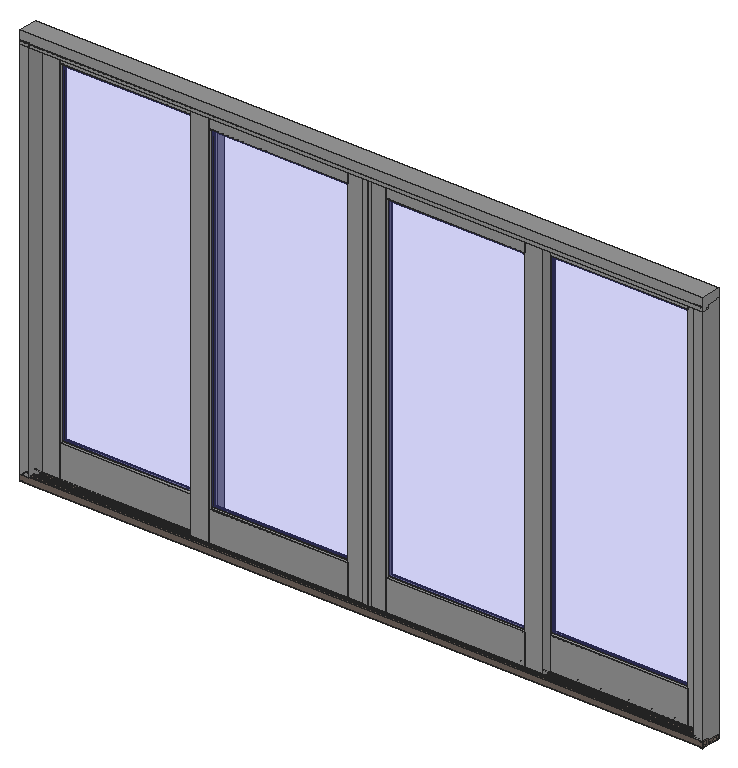
Revit family "VSDA3.6CO", category Doors, host Wall, Revit 2015
Parameters (values of type "VSDA3.6CO")
  Function = Interior
  Frame Projection Ext. = 25 mm
  Frame Projection Int. = 25 mm
  Frame Width = 75 mm
  Height = 2100 mm
  Wall Closure = By host
  Width = 3550 mm
Reference planes
  plane 1: y = 0
  plane 2 "Center (Left/Right)": x = 0
  plane 3 "Left": x = -1775
  plane 4 "Right": x = 1775
  plane 5: z = 2100
  plane 6 "Exterior": y = 75
  plane 7 "Interior": y = -75
Forms (mm)
  Extrusion 1, solid, material "Aluminium Cill (Bronze)"
    sketch origin (0, 79.18, -119.746) x (0, 1, 0) y (0, 0, 1)
      loop
        line (-26.68, 120.746) -> (-26.68, 135.746)
        arc (-26.68, 135.746) -> (-27.558, 137.867) -> (-29.68, 138.746) r 3
        line (-29.68, 138.746) -> (-40.947, 138.746)
        arc (-40.947, 138.746) -> (-42.68, 137.746) -> (-44.412, 138.746) r 2
        line (-44.412, 138.746) -> (-48.947, 138.746)
        arc (-48.947, 138.746) -> (-50.68, 137.746) -> (-52.412, 138.746) r 2
        line (-52.412, 138.746) -> (-56.947, 138.746)
        arc (-56.947, 138.746) -> (-58.68, 137.746) -> (-60.412, 138.746) r 2
        line (-60.412, 138.746) -> (-67.18, 138.746) -> (-67.18, 135.246)
        arc (-67.18, 135.246) -> (-67.619, 134.185) -> (-68.68, 133.746) r 1.5
        line (-68.68, 133.746) -> (-73.43, 133.746) -> (-73.43, 135.746) -> (-71.996, 135.746)
        arc (-71.996, 135.746) -> (-74.68, 138.746) -> (-77.363, 135.746) r 2.7
        line (-77.363, 135.746) -> (-75.93, 135.746) -> (-75.93, 133.746) -> (-80.68, 133.746)
        arc (-80.68, 133.746) -> (-81.74, 134.185) -> (-82.18, 135.246) r 1.5
        line (-82.18, 135.246) -> (-82.18, 138.746) -> (-90.432, 138.746) -> (-98.68, 138.746) -> (-98.68, 143.746)
        arc (-98.68, 143.746) -> (-99.18, 144.246) -> (-99.68, 143.746) r 0.5
        line (-99.68, 143.746) -> (-99.68, 142.734) -> (-100.88, 142.734) -> (-100.88, 150.246) -> (-99.68, 150.246) -> (-99.68, 149.246)
        arc (-99.68, 149.246) -> (-99.18, 148.746) -> (-98.68, 149.246) r 0.5
        line (-98.68, 149.246) -> (-98.68, 150.746)
        arc (-98.68, 150.746) -> (-98.972, 151.453) -> (-99.68, 151.746) r 1
        line (-99.68, 151.746) -> (-109.447, 151.746)
        arc (-109.447, 151.746) -> (-111.18, 150.746) -> (-112.912, 151.746) r 2
        line (-112.912, 151.746) -> (-117.447, 151.746)
        arc (-117.447, 151.746) -> (-119.18, 150.746) -> (-120.912, 151.746) r 2
        line (-120.912, 151.746) -> (-130.68, 151.746)
        arc (-130.68, 151.746) -> (-131.387, 151.453) -> (-131.68, 150.746) r 1
        line (-131.68, 150.746) -> (-131.68, 120.746)
        arc (-131.68, 120.746) -> (-131.387, 120.039) -> (-130.68, 119.746) r 1
        line (-130.68, 119.746) -> (-27.68, 119.746)
        arc (-27.68, 119.746) -> (-26.972, 120.039) -> (-26.68, 120.746) r 1
      loop
        line (-29.68, 137.246) -> (-40.23, 137.246)
        arc (-40.23, 137.246) -> (-42.68, 136.246) -> (-45.129, 137.246) r 3.5
        line (-45.129, 137.246) -> (-48.23, 137.246)
        arc (-48.23, 137.246) -> (-50.68, 136.246) -> (-53.129, 137.246) r 3.5
        line (-53.129, 137.246) -> (-56.23, 137.246)
        arc (-56.23, 137.246) -> (-58.68, 136.246) -> (-61.129, 137.246) r 3.5
        line (-61.129, 137.246) -> (-65.68, 137.246) -> (-65.68, 135.246)
        arc (-65.68, 135.246) -> (-66.558, 133.125) -> (-68.68, 132.246) r 3
        line (-68.68, 132.246) -> (-73.93, 132.246) -> (-73.93, 121.246) -> (-28.18, 121.246) -> (-28.18, 135.746)
        arc (-28.18, 135.746) -> (-28.619, 136.807) -> (-29.68, 137.246) r 1.5
      loop
        line (-75.43, 132.246) -> (-80.68, 132.246)
        arc (-80.68, 132.246) -> (-82.801, 133.125) -> (-83.68, 135.246) r 3
        line (-83.68, 135.246) -> (-83.68, 137.246) -> (-98.68, 137.246) -> (-98.68, 121.246) -> (-75.43, 121.246) -> (-75.43, 132.246)
      loop
        line (-100.18, 121.246) -> (-100.18, 141.246) -> (-102.38, 141.246) -> (-102.38, 150.246) -> (-108.73, 150.246)
        arc (-108.73, 150.246) -> (-111.18, 149.246) -> (-113.629, 150.246) r 3.5
        line (-113.629, 150.246) -> (-116.73, 150.246)
        arc (-116.73, 150.246) -> (-119.18, 149.246) -> (-121.629, 150.246) r 3.5
        line (-121.629, 150.246) -> (-130.18, 150.246) -> (-130.18, 121.246) -> (-100.18, 121.246)
    from -1775 to 1775
  Extrusion 2, solid, material "Lauan, Meranti"
    sketch origin (0, 0, 0) x (0, 1, 0) y (0, 0, 1)
      loop
        line (52.5, 2100) -> (-52.5, 2100) -> (-52.5, 2055) -> (-49.5, 2055) -> (-49.5, 2052) -> (-52.5, 2052) -> (-52.5, 2035) -> (-20.5, 2035) -> (-20.5, 2038.5) -> (-27.5, 2038.5) -> (-27.5, 2041.5) -> (-20.5, 2041.5) -> (-20.5, 2055) -> (32.5, 2055) -> (32.5, 2057) -> (52.5, 2057) -> (52.5, 2100)
    from -1775 to 1775
  Extrusion 3, solid, material "Lauan, Meranti"
    sketch origin (0, 0, 0) x (1, 0, 0) y (0, 1, 0)
      loop
        line (-1775, 52.5) -> (-1775, -52.5) -> (-1730, -52.5) -> (-1730, 52.5) -> (-1775, 52.5)
      loop
        line (1775, 52.5) -> (1730, 52.5) -> (1730, -52.5) -> (1775, -52.5) -> (1775, 52.5)
    from 32 to 2057
  Extrusion 4, solid, material "Lauan, Meranti"
    sketch origin (0, 0, 0) x (1, 0, 0) y (0, 1, 0)
      loop
        line (-1775, 52.5) -> (-1775, -19.5) -> (-1730, -19.5) -> (-1730, 52.5) -> (-1775, 52.5)
      loop
        line (1775, 52.5) -> (1730, 52.5) -> (1730, -19.5) -> (1775, -19.5) -> (1775, 52.5)
    from 19 to 32
  Extrusion 5, solid, material "Lauan, Meranti"
    sketch origin (550, 0, 0) x (0, 1, 0) y (0, 0, 1)
      loop
        line (52.5, 2054) -> (49.5, 2054) -> (49.5, 2057) -> (32.5, 2057) -> (32.5, 2041.5) -> (39.5, 2041.5) -> (39.5, 2038.5) -> (32.5, 2038.5) -> (32.5, 2035) -> (52.5, 2035) -> (52.5, 2054)
    from -1362.5 to 262.5
  Extrusion 6, solid, material "Lauan, Meranti"
    sketch origin (611.611, 0, 0) x (0, 1, 0) y (0, 0, 1)
      loop
        line (-15.5, 190) -> (-15.5, 19) -> (24.5, 19) -> (24.5, 190) -> (-5.5, 190) -> (-5.5, 199) -> (-7.5, 199) -> (-7.5, 197)
        arc (-7.5, 197) -> (-11.866, 194.67) -> (-13.5, 190) r 6.807
        line (-13.5, 190) -> (-15.5, 190)
      loop
        line (-7.5, 1952) -> (-7.5, 1950) -> (-5.5, 1950) -> (-5.5, 1959) -> (24.5, 1959) -> (24.5, 2055) -> (-15.5, 2055) -> (-15.5, 1959) -> (-13.5, 1959)
        arc (-13.5, 1959) -> (-11.866, 1954.33) -> (-7.5, 1952) r 6.807
    from -513.611 to 209.889
  Extrusion 7, solid, material "Lauan, Meranti"
    sketch origin (1631.611, 46.5, 0) x (0, 1, 0) y (0, 0, 1)
      loop
        line (-15.5, 190) -> (-15.5, 19) -> (24.5, 19) -> (24.5, 190) -> (-5.5, 190) -> (-5.5, 199) -> (-7.5, 199) -> (-7.5, 197)
        arc (-7.5, 197) -> (-11.866, 194.67) -> (-13.5, 190) r 6.807
        line (-13.5, 190) -> (-15.5, 190)
      loop
        line (-7.5, 1952) -> (-7.5, 1950) -> (-5.5, 1950) -> (-5.5, 1959) -> (24.5, 1959) -> (24.5, 2055) -> (-15.5, 2055) -> (-15.5, 1959) -> (-13.5, 1959)
        arc (-13.5, 1959) -> (-11.866, 1954.33) -> (-7.5, 1952) r 6.807
    from -723.111 to 2.389
  Sweep 8, solid, material "Lauan, Meranti"
    path origin (867.216, -75, -781.763) x (1, 0, 0) y (0, 0, 1)
      loop
        line (41.284, 2740.763) -> (41.284, 971.763) -> (766.784, 971.763) -> (766.784, 2740.763) -> (41.284, 2740.763)
    profile origin (1271.25, -75, 1959) x (0, 0, 1) y (0, -1, 0)
      loop
        line (-9, -124.5) -> (-9, -126.5) -> (-7, -126.5)
        arc (-7, -126.5) -> (-4.67, -130.866) -> (0, -132.5) r 6.807
        line (0, -132.5) -> (0, -124.5) -> (-9, -124.5)
  Sweep 9, solid, material "Lauan, Meranti"
    path origin (175.108, -75, -980.222) x (1, 0, 0) y (0, 0, 1)
      loop
        line (-77.108, 2939.222) -> (-77.108, 1170.222) -> (646.392, 1170.222) -> (646.392, 2939.222) -> (-77.108, 2939.222)
    profile origin (459.75, -75, 1959) x (0, 0, 1) y (0, -1, 0)
      loop
        line (-9, -78) -> (-9, -80) -> (-7, -80)
        arc (-7, -80) -> (-4.67, -84.366) -> (0, -86) r 6.807
        line (0, -86) -> (0, -78) -> (-9, -78)
  Extrusion 10, solid, material "Glass"
    sketch origin (1099.736, -64.05, -73.649) x (1, 0, 0) y (0, 0, 1)
      loop
        line (-191.236, 2032.649) -> (-191.236, 263.649) -> (534.264, 263.649) -> (534.264, 2032.649) -> (-191.236, 2032.649)
      loop
        line (-2008.236, 2032.649) -> (-2733.736, 2032.649) -> (-2733.736, 263.649) -> (-2008.236, 263.649) -> (-2008.236, 2032.649)
    from -112.5 to -106.1
  Extrusion 11, solid, material "Glass"
    sketch origin (494.604, -110.55, 134.714) x (1, 0, 0) y (0, 0, 1)
      loop
        line (-396.604, 1824.286) -> (-396.604, 55.286) -> (326.896, 55.286) -> (326.896, 1824.286) -> (-396.604, 1824.286)
      loop
        line (-592.604, 1824.286) -> (-1316.104, 1824.286) -> (-1316.104, 55.286) -> (-592.604, 55.286) -> (-592.604, 1824.286)
    from -112.5 to -106.1
  Extrusion 12, solid, material "Lauan, Meranti"
    sketch origin (0, 0, 0) x (1, 0, 0) y (0, 1, 0)
      loop
        line (1634, 31) -> (1730, 31) -> (1730, 71) -> (1634, 71) -> (1634, 41) -> (1625, 41) -> (1625, 39) -> (1627, 39)
        arc (1627, 39) -> (1629.265, 34.56) -> (1634, 33) r 6.549
        line (1634, 33) -> (1634, 31)
      loop
        line (98, -15.5) -> (98, -13.5)
        arc (98, -13.5) -> (102.735, -11.94) -> (105, -7.5) r 6.549
        line (105, -7.5) -> (107, -7.5) -> (107, -5.5) -> (98, -5.5) -> (98, 24.5) -> (2, 24.5) -> (2, -15.5) -> (98, -15.5)
      loop
        line (-1634, 31) -> (-1634, 33)
        arc (-1634, 33) -> (-1629.265, 34.56) -> (-1627, 39) r 6.549
        line (-1627, 39) -> (-1625, 39) -> (-1625, 41) -> (-1634, 41) -> (-1634, 71) -> (-1730, 71) -> (-1730, 31) -> (-1634, 31)
      loop
        line (-98, -15.5) -> (-2, -15.5) -> (-2, 24.5) -> (-98, 24.5) -> (-98, -5.5) -> (-107, -5.5) -> (-107, -7.5) -> (-105, -7.5)
        arc (-105, -7.5) -> (-102.735, -11.94) -> (-98, -13.5) r 6.549
        line (-98, -13.5) -> (-98, -15.5)
      loop
        line (-821.5, -15.5) -> (-821.5, -13.5)
        arc (-821.5, -13.5) -> (-816.765, -11.94) -> (-814.5, -7.5) r 6.549
        line (-814.5, -7.5) -> (-812.5, -7.5) -> (-812.5, -5.5) -> (-821.5, -5.5) -> (-821.5, 24.5) -> (-917.5, 24.5) -> (-917.5, -15.5) -> (-821.5, -15.5)
      loop
        line (-908.5, 31) -> (-812.5, 31) -> (-812.5, 71) -> (-908.5, 71) -> (-908.5, 41) -> (-917.5, 41) -> (-917.5, 39) -> (-915.5, 39)
        arc (-915.5, 39) -> (-913.235, 34.56) -> (-908.5, 33) r 6.549
        line (-908.5, 33) -> (-908.5, 31)
      loop
        line (821.5, -15.5) -> (917.5, -15.5) -> (917.5, 24.5) -> (821.5, 24.5) -> (821.5, -5.5) -> (812.5, -5.5) -> (812.5, -7.5) -> (814.5, -7.5)
        arc (814.5, -7.5) -> (816.765, -11.94) -> (821.5, -13.5) r 6.549
        line (821.5, -13.5) -> (821.5, -15.5)
      loop
        line (908.5, 31) -> (908.5, 33)
        arc (908.5, 33) -> (913.235, 34.56) -> (915.5, 39) r 6.549
        line (915.5, 39) -> (917.5, 39) -> (917.5, 41) -> (908.5, 41) -> (908.5, 71) -> (812.5, 71) -> (812.5, 31) -> (908.5, 31)
    from 19 to 2055
  Sweep 13, solid, material "Lauan, Meranti"
    path origin (-867.216, -75, -781.763) x (-1, 0, 0) y (0, 0, -1)
      loop
        line (41.284, -2740.763) -> (766.784, -2740.763) -> (766.784, -971.763) -> (41.284, -971.763) -> (41.284, -2740.763)
    profile origin (-1271.25, -75, 1959) x (0, 0, -1) y (0, -1, 0)
      loop
        line (9, -124.5) -> (0, -124.5) -> (0, -132.5)
        arc (0, -132.5) -> (4.67, -130.866) -> (7, -126.5) r 6.807
        line (7, -126.5) -> (9, -126.5) -> (9, -124.5)
  Sweep 14, solid, material "Lauan, Meranti"
    path origin (-175.108, -75, -980.222) x (-1, 0, 0) y (0, 0, -1)
      loop
        line (-77.108, -2939.222) -> (646.392, -2939.222) -> (646.392, -1170.222) -> (-77.108, -1170.222) -> (-77.108, -2939.222)
    profile origin (-459.75, -75, 1959) x (0, 0, -1) y (0, -1, 0)
      loop
        line (9, -78) -> (0, -78) -> (0, -86)
        arc (0, -86) -> (4.67, -84.366) -> (7, -80) r 6.807
        line (7, -80) -> (9, -80) -> (9, -78)
  Extrusion 15, solid, material "Lauan, Meranti"
    sketch origin (-611.611, 0, 0) x (0, 1, 0) y (0, 0, -1)
      loop
        line (-15.5, -190) -> (-13.5, -190)
        arc (-13.5, -190) -> (-11.866, -194.67) -> (-7.5, -197) r 6.807
        line (-7.5, -197) -> (-7.5, -199) -> (-5.5, -199) -> (-5.5, -190) -> (24.5, -190) -> (24.5, -19) -> (-15.5, -19) -> (-15.5, -190)
      loop
        arc (-7.5, -1952) -> (-11.866, -1954.33) -> (-13.5, -1959) r 6.807
        line (-13.5, -1959) -> (-15.5, -1959) -> (-15.5, -2055) -> (24.5, -2055) -> (24.5, -1959) -> (-5.5, -1959) -> (-5.5, -1950) -> (-7.5, -1950) -> (-7.5, -1952)
    from -513.611 to 209.889
  Extrusion 16, solid, material "Lauan, Meranti"
    sketch origin (-1631.611, 46.5, 0) x (0, 1, 0) y (0, 0, -1)
      loop
        line (-15.5, -190) -> (-13.5, -190)
        arc (-13.5, -190) -> (-11.866, -194.67) -> (-7.5, -197) r 6.807
        line (-7.5, -197) -> (-7.5, -199) -> (-5.5, -199) -> (-5.5, -190) -> (24.5, -190) -> (24.5, -19) -> (-15.5, -19) -> (-15.5, -190)
      loop
        arc (-7.5, -1952) -> (-11.866, -1954.33) -> (-13.5, -1959) r 6.807
        line (-13.5, -1959) -> (-15.5, -1959) -> (-15.5, -2055) -> (24.5, -2055) -> (24.5, -1959) -> (-5.5, -1959) -> (-5.5, -1950) -> (-7.5, -1950) -> (-7.5, -1952)
    from -723.111 to 2.389
  Extrusion 17, solid, material "Lauan, Meranti"
    sketch origin (4059.03, 0, -20) x (1, 0, 0) y (0, 1, 0)
      loop
        line (-4071.03, -25.5) -> (-4047.03, -25.5) -> (-4047.03, -23.5)
        arc (-4047.03, -23.5) -> (-4041.373, -21.157) -> (-4039.03, -15.5) r 8
        line (-4039.03, -15.5) -> (-4079.03, -15.5)
        arc (-4079.03, -15.5) -> (-4076.687, -21.157) -> (-4071.03, -23.5) r 8
        line (-4071.03, -23.5) -> (-4071.03, -25.5)
      loop
        line (-4071.03, 34.5) -> (-4071.03, 32.5)
        arc (-4071.03, 32.5) -> (-4076.687, 30.157) -> (-4079.03, 24.5) r 8
        line (-4079.03, 24.5) -> (-4039.03, 24.5)
        arc (-4039.03, 24.5) -> (-4041.373, 30.157) -> (-4047.03, 32.5) r 8
        line (-4047.03, 32.5) -> (-4047.03, 34.5) -> (-4071.03, 34.5)
    from 39 to 2055
Cuts and joins
  joined: Extrusion 3, Extrusion 4
Lines and regions (mm)
  Opening 1
    outline origin (-3050, -75, 0) x (1, 0, 0) y (0, 0, 1)
      loop
        line (1275, 0) -> (4825, 0) -> (4825, 2100) -> (1275, 2100) -> (1275, 0)
  model lines
    curve 1: line (227.533, 99.5, 1050) -> (482.533, 99.5, 1050)
    curve 2: line (621.611, 99.5, 1050) -> (482.533, 99.5, 1106.191)
    curve 3: line (482.533, 99.5, 1106.191) -> (482.533, 99.5, 993.809)
    curve 4: line (621.611, 99.5, 1050) -> (482.533, 99.5, 993.809)
    curve 5: line (-227.533, 99.5, 1050) -> (-482.533, 99.5, 1050)
    curve 6: line (-621.611, 99.5, 1050) -> (-482.533, 99.5, 1106.191)
    curve 7: line (-482.533, 99.5, 1106.191) -> (-482.533, 99.5, 993.809)
    curve 8: line (-621.611, 99.5, 1050) -> (-482.533, 99.5, 993.809)
Text (mm)
  text "Exterior" at (-2295.016, 1099.543, 0), in view "Ref. Level"
  text "Exterior" at (0, 1615.38, 3698.081), in view "Left"
  text "Exterior" at (0, 1036.032, 3874.932), in view "Right"
Dimensions and locks
  equal spacing: plane 3 "Left", plane 2 "Center (Left/Right)", plane 4 "Right"
  "Width": plane 3 "Left" to plane 4 "Right"
  "Height": plane 5 to host wall
  host wall to plane 5 = 2100 mm  (x2)
  locked: plane 6 "Exterior" to host wall at 0
  locked: plane 7 "Interior" to host wall
  plane 3 "Left" to plane 4 "Right" = 3550 mm
  aligned and locked: plane 3 "Left" to Opening 1 sketch curve
  aligned and locked: plane 5 to Opening 1 sketch curve  (x2)
  aligned and locked: Opening 1 sketch curve to plane 4 "Right"
  aligned and locked: Opening 1 sketch curve to level
  aligned and locked: plane 1 to host wall
  aligned and locked: Extrusion 1 to host wall  (x2)
  aligned and locked: Extrusion 2 to host wall  (x2)
  aligned and locked: Extrusion 4 to Extrusion 1  (x2)
  aligned and locked: Extrusion 3 to Extrusion 1
  aligned and locked: Extrusion 3 to Extrusion 2
  aligned and locked: Extrusion 7 to Sweep 8 sketch curve
  aligned and locked: Sweep 8 sketch curve to Extrusion 7
  aligned and locked: Extrusion 6 to Sweep 9 sketch curve  (x2)
  aligned and locked: Sweep 8 sketch curve to Extrusion 10
  aligned and locked: Sweep 9 sketch curve to Extrusion 11
Automatic sketch dimensions
  Extrusion 1 sketch curve to level = 0 mm
  level to Extrusion 1 sketch curve = 1 mm
  Extrusion 1 sketch curve to host wall = 22.5 mm
  Extrusion 1 sketch curve to Extrusion 1 sketch curve = 1 mm  (x7)
  Extrusion 1 sketch curve to Extrusion 1 sketch curve = 0.5 mm  (x8)
  Extrusion 1 sketch curve to Extrusion 1 sketch curve = 8.551 mm
  Extrusion 1 sketch curve to Extrusion 1 sketch curve = 0.717 mm  (x10)
  Extrusion 1 sketch curve to Extrusion 1 sketch curve = 1.732 mm  (x10)
  Extrusion 1 sketch curve to Extrusion 1 sketch curve = 0 mm  (x26)
  Extrusion 1 sketch curve to Extrusion 1 sketch curve = 3.101 mm  (x3)
  Extrusion 1 sketch curve to Extrusion 1 sketch curve = 6.351 mm
  Extrusion 1 sketch curve to Extrusion 1 sketch curve = 1.5 mm  (x15)
  Extrusion 1 sketch curve to Extrusion 1 sketch curve = 0.7 mm
  level to Extrusion 1 sketch curve = 1.5 mm  (x3)
  Extrusion 1 sketch curve to Extrusion 1 sketch curve = 1.2 mm  (x2)
  Extrusion 1 sketch curve to Extrusion 1 sketch curve = 8.248 mm
  host wall to Extrusion 1 sketch curve = 4.5 mm
  host wall to Extrusion 1 sketch curve = 1.5 mm  (x2)
  Extrusion 1 sketch curve to host wall = 1.817 mm
  Extrusion 1 sketch curve to Extrusion 1 sketch curve = 1.433 mm  (x3)
  Extrusion 1 sketch curve to host wall = 3.75 mm
  Extrusion 1 sketch curve to Extrusion 1 sketch curve = 1.25 mm  (x2)
  Extrusion 1 sketch curve to Extrusion 1 sketch curve = 3.317 mm
  Extrusion 1 sketch curve to Extrusion 1 sketch curve = 4.551 mm
  Extrusion 1 sketch curve to Extrusion 1 sketch curve = 10.551 mm
  Extrusion 1 sketch curve to Extrusion 1 sketch curve = 11 mm
  Extrusion 1 sketch curve to Extrusion 1 sketch curve = 14.5 mm
  Extrusion 1 sketch curve to Extrusion 1 sketch curve = 2 mm  (x4)
  Extrusion 1 sketch curve to Extrusion 1 sketch curve = 0.3 mm
  Extrusion 1 sketch curve to Extrusion 1 sketch curve = 2.5 mm
  Extrusion 1 sketch curve to Extrusion 1 sketch curve = 1.488 mm
  Extrusion 1 sketch curve to Extrusion 1 sketch curve = 1.012 mm
  Extrusion 1 sketch curve to Extrusion 1 sketch curve = 5.5 mm
  plane 5 to Extrusion 2 sketch curve = 0 mm
  Extrusion 2 sketch curve to host wall = 22.5 mm
  Extrusion 2 sketch curve to Extrusion 2 sketch curve = 0 mm  (x2)
  Extrusion 2 sketch curve to Extrusion 2 sketch curve = 3 mm  (x3)
  Extrusion 2 sketch curve to Extrusion 2 sketch curve = 22 mm
  Extrusion 2 sketch curve to Extrusion 2 sketch curve = 7 mm  (x2)
  Extrusion 2 sketch curve to host wall = 32.5 mm
  Extrusion 2 sketch curve to Extrusion 2 sketch curve = 20 mm
  plane 5 to Extrusion 2 sketch curve = 43 mm
  plane 5 to Extrusion 2 sketch curve = 45 mm
  Extrusion 2 sketch curve to Extrusion 2 sketch curve = 13.5 mm
  Extrusion 2 sketch curve to Extrusion 2 sketch curve = 17 mm
  Extrusion 3 sketch curve to plane 3 "Left" = 0 mm
  Extrusion 3 sketch curve to plane 4 "Right" = 0 mm
  Extrusion 3 sketch curve to Extrusion 3 sketch curve = 45 mm  (x2)
  Extrusion 3 sketch curve to host wall = 22.5 mm  (x4)
  Extrusion 4 sketch curve to plane 3 "Left" = 0 mm
  Extrusion 4 sketch curve to plane 4 "Right" = 0 mm
  host wall to Extrusion 4 sketch curve = 19.5 mm  (x2)
  Extrusion 4 sketch curve to Extrusion 4 sketch curve = 45 mm
  plane 4 "Right" to Extrusion 4 sketch curve = 45 mm
  Extrusion 4 sketch curve to host wall = 22.5 mm  (x2)
  curve 8 to plane 2 "Center (Left/Right)" = 621.611 mm
  curve 6 to curve 7 = 139.078 mm
  plane 2 "Center (Left/Right)" to curve 3 = 482.533 mm
  curve 1 to curve 2 = 139.078 mm
  level to curve 4 = 993.809 mm
  curve 7 to curve 3 = 0 mm
  curve 7 to curve 8 = 56.191 mm
  curve 3 to curve 4 = 56.191 mm
  curve 3 to curve 3 = 112.382 mm
  curve 7 to curve 7 = 112.382 mm
  curve 5 to plane 2 "Center (Left/Right)" = 227.533 mm
  plane 2 "Center (Left/Right)" to curve 1 = 227.533 mm
  curve 1 to curve 2 = 56.191 mm
  curve 5 to curve 6 = 56.191 mm
  Extrusion 5 sketch curve to host wall = 32.5 mm
  Extrusion 5 sketch curve to Extrusion 5 sketch curve = 0 mm
  Extrusion 5 sketch curve to Extrusion 5 sketch curve = 7 mm
  Extrusion 5 sketch curve to Extrusion 5 sketch curve = 17 mm
  Extrusion 5 sketch curve to Extrusion 5 sketch curve = 3 mm  (x3)
  plane 5 to Extrusion 5 sketch curve = 65 mm
  Extrusion 5 sketch curve to Extrusion 5 sketch curve = 3.5 mm
  Extrusion 5 sketch curve to Extrusion 5 sketch curve = 12.5 mm
  host wall to Extrusion 6 sketch curve = 15.5 mm  (x2)
  Extrusion 6 sketch curve to Extrusion 6 sketch curve = 2 mm  (x6)
  host wall to Extrusion 6 sketch curve = 7.5 mm  (x2)
  host wall to Extrusion 6 sketch curve = 6.697 mm  (x2)
  Extrusion 6 sketch curve to host wall = 24.5 mm  (x2)
  level to Extrusion 6 sketch curve = 19 mm
  Extrusion 6 sketch curve to Extrusion 6 sketch curve = 171 mm
  Extrusion 6 sketch curve to Extrusion 6 sketch curve = 0 mm
  Extrusion 6 sketch curve to Extrusion 6 sketch curve = 0.241 mm  (x2)
  plane 5 to Extrusion 6 sketch curve = 150 mm
  Extrusion 6 sketch curve to Extrusion 6 sketch curve = 6.759 mm
  plane 5 to Extrusion 6 sketch curve = 45 mm
  Extrusion 7 sketch curve to host wall = 31 mm  (x2)
  Extrusion 7 sketch curve to Extrusion 7 sketch curve = 2 mm  (x6)
  Extrusion 7 sketch curve to Extrusion 7 sketch curve = 6 mm  (x2)
  Extrusion 7 sketch curve to Extrusion 7 sketch curve = 0.803 mm
  Extrusion 7 sketch curve to Extrusion 7 sketch curve = 6.803 mm
  Extrusion 7 sketch curve to host wall = 4 mm  (x2)
  level to Extrusion 7 sketch curve = 19 mm
  Extrusion 7 sketch curve to Extrusion 7 sketch curve = 171 mm
  Extrusion 7 sketch curve to Extrusion 7 sketch curve = 0 mm
  Extrusion 7 sketch curve to Extrusion 7 sketch curve = 0.241 mm  (x2)
  plane 5 to Extrusion 7 sketch curve = 150 mm
  Extrusion 7 sketch curve to Extrusion 7 sketch curve = 6.759 mm
  plane 5 to Extrusion 7 sketch curve = 45 mm
  profile plane to Sweep 8 sketch curve = 0 mm
  profile plane to Sweep 8 sketch curve = 0.241 mm
  Sweep 8 sketch curve to Sweep 8 sketch curve = 6.759 mm
  Sweep 8 sketch curve to Sweep 8 sketch curve = 2 mm  (x2)
  Sweep 8 sketch curve to profile plane = 132.5 mm
  Sweep 8 sketch curve to Sweep 8 sketch curve = 6 mm
  profile plane to Sweep 9 sketch curve = 0 mm
  profile plane to Sweep 9 sketch curve = 0.241 mm
  Sweep 9 sketch curve to Sweep 9 sketch curve = 6.759 mm
  Sweep 9 sketch curve to Sweep 9 sketch curve = 2 mm  (x2)
  Sweep 9 sketch curve to profile plane = 86 mm
  Sweep 9 sketch curve to Sweep 9 sketch curve = 6 mm
  Extrusion 10 sketch curve to plane 3 "Left" = 141 mm
  level to Extrusion 10 sketch curve = 190 mm  (x2)
  Extrusion 10 sketch curve to Extrusion 10 sketch curve = 725.5 mm
  plane 4 "Right" to Extrusion 10 sketch curve = 866.5 mm
  plane 4 "Right" to Extrusion 10 sketch curve = 141 mm
  plane 5 to Extrusion 10 sketch curve = 141 mm  (x2)
  plane 5 to Extrusion 11 sketch curve = 141 mm  (x2)
  Extrusion 11 sketch curve to plane 2 "Center (Left/Right)" = 821.5 mm
  Extrusion 11 sketch curve to plane 2 "Center (Left/Right)" = 98 mm
  plane 2 "Center (Left/Right)" to Extrusion 11 sketch curve = 98 mm
  level to Extrusion 11 sketch curve = 190 mm  (x2)
  Extrusion 11 sketch curve to Extrusion 11 sketch curve = 723.5 mm
  Extrusion 12 sketch curve to plane 2 "Center (Left/Right)" = 2 mm
  host wall to Extrusion 12 sketch curve = 5.5 mm  (x3)
  Extrusion 12 sketch curve to Extrusion 12 sketch curve = 96 mm  (x2)
  Extrusion 12 sketch curve to Extrusion 12 sketch curve = 0 mm  (x5)
  Extrusion 12 sketch curve to Extrusion 12 sketch curve = 0.473 mm  (x11)
  Extrusion 12 sketch curve to Extrusion 12 sketch curve = 6.527 mm  (x8)
  Extrusion 12 sketch curve to Extrusion 12 sketch curve = 2 mm  (x23)
  Extrusion 12 sketch curve to host wall = 4 mm  (x4)
  Extrusion 12 sketch curve to Extrusion 12 sketch curve = 705.5 mm  (x2)
  Extrusion 12 sketch curve to Extrusion 12 sketch curve = 9 mm  (x4)
  Extrusion 12 sketch curve to host wall = 31 mm
  Extrusion 12 sketch curve to Extrusion 12 sketch curve = 87 mm  (x2)
  Extrusion 12 sketch curve to host wall = 36 mm  (x2)
  Extrusion 12 sketch curve to plane 3 "Left" = 150 mm
  plane 2 "Center (Left/Right)" to Extrusion 12 sketch curve = 2 mm
  host wall to Extrusion 12 sketch curve = 13.5 mm
  Extrusion 12 sketch curve to host wall = 34 mm
  host wall to Extrusion 12 sketch curve = 15.5 mm  (x3)
  plane 4 "Right" to Extrusion 12 sketch curve = 150 mm
  plane 4 "Right" to Extrusion 12 sketch curve = 45 mm
  host wall to Extrusion 12 sketch curve = 7.5 mm
  Extrusion 12 sketch curve to host wall = 24.5 mm  (x2)
  Extrusion 12 sketch curve to Extrusion 12 sketch curve = 6.5 mm
  Extrusion 12 sketch curve to Extrusion 12 sketch curve = 16.5 mm
  Extrusion 12 sketch curve to Extrusion 12 sketch curve = 8 mm  (x2)
  Extrusion 12 sketch curve to Extrusion 12 sketch curve = 10 mm
  Extrusion 12 sketch curve to Extrusion 12 sketch curve = 6 mm
  Extrusion 12 sketch curve to Extrusion 12 sketch curve = 1.468 mm
  Sweep 13 sketch curve to profile plane = 0 mm
  Sweep 13 sketch curve to profile plane = 0.241 mm
  Sweep 13 sketch curve to Sweep 13 sketch curve = 6.759 mm
  Sweep 13 sketch curve to Sweep 13 sketch curve = 2 mm  (x2)
  Sweep 13 sketch curve to profile plane = 132.5 mm
  Sweep 13 sketch curve to Sweep 13 sketch curve = 6 mm
  Sweep 14 sketch curve to profile plane = 0 mm
  Sweep 14 sketch curve to profile plane = 0.241 mm
  Sweep 14 sketch curve to Sweep 14 sketch curve = 6.759 mm
  Sweep 14 sketch curve to Sweep 14 sketch curve = 2 mm  (x2)
  Sweep 14 sketch curve to profile plane = 86 mm
  Sweep 14 sketch curve to Sweep 14 sketch curve = 6 mm
  host wall to Extrusion 15 sketch curve = 15.5 mm  (x2)
  Extrusion 15 sketch curve to Extrusion 15 sketch curve = 2 mm  (x6)
  host wall to Extrusion 15 sketch curve = 7.5 mm  (x2)
  host wall to Extrusion 15 sketch curve = 6.697 mm  (x2)
  Extrusion 15 sketch curve to host wall = 24.5 mm  (x2)
  plane 5 to Extrusion 15 sketch curve = 45 mm
  Extrusion 15 sketch curve to Extrusion 15 sketch curve = 96 mm
  Extrusion 15 sketch curve to Extrusion 15 sketch curve = 0 mm
  Extrusion 15 sketch curve to Extrusion 15 sketch curve = 0.241 mm  (x2)
  level to Extrusion 15 sketch curve = 199 mm
  Extrusion 15 sketch curve to Extrusion 15 sketch curve = 6.759 mm
  level to Extrusion 15 sketch curve = 19 mm
  Extrusion 16 sketch curve to host wall = 31 mm  (x2)
  Extrusion 16 sketch curve to Extrusion 16 sketch curve = 2 mm  (x6)
  Extrusion 16 sketch curve to Extrusion 16 sketch curve = 6 mm  (x2)
  Extrusion 16 sketch curve to Extrusion 16 sketch curve = 0.803 mm
  Extrusion 16 sketch curve to Extrusion 16 sketch curve = 6.803 mm
  Extrusion 16 sketch curve to host wall = 4 mm  (x2)
  plane 5 to Extrusion 16 sketch curve = 45 mm
  Extrusion 16 sketch curve to Extrusion 16 sketch curve = 96 mm
  Extrusion 16 sketch curve to Extrusion 16 sketch curve = 0 mm
  Extrusion 16 sketch curve to Extrusion 16 sketch curve = 0.241 mm  (x2)
  level to Extrusion 16 sketch curve = 199 mm
  Extrusion 16 sketch curve to Extrusion 16 sketch curve = 6.759 mm
  level to Extrusion 16 sketch curve = 19 mm
  Extrusion 17 sketch curve to plane 2 "Center (Left/Right)" = 20 mm  (x2)
  Extrusion 17 sketch curve to Extrusion 17 sketch curve = 8 mm  (x3)
  Extrusion 17 sketch curve to plane 2 "Center (Left/Right)" = 12 mm
  plane 2 "Center (Left/Right)" to Extrusion 17 sketch curve = 12 mm  (x2)
  host wall to Extrusion 17 sketch curve = 25.5 mm
  Extrusion 17 sketch curve to Extrusion 17 sketch curve = 2 mm  (x2)
  Extrusion 17 sketch curve to host wall = 24.5 mm
  Extrusion 12 sketch curve to plane 3 "Left" = 45 mm
  Sweep 8 sketch curve to Sweep 8 sketch curve = 725.5 mm
  Sweep 9 sketch curve to Sweep 9 sketch curve = 723.5 mm
  Sweep 14 sketch curve to plane 2 "Center (Left/Right)" = 98 mm
  level to Sweep 14 sketch curve = 190 mm
  Sweep 14 sketch curve to Sweep 14 sketch curve = 723.5 mm
  plane 5 to Sweep 14 sketch curve = 141 mm
  level to Sweep 13 sketch curve = 190 mm
  Sweep 13 sketch curve to plane 3 "Left" = 866.5 mm
  Sweep 13 sketch curve to plane 3 "Left" = 141 mm
  plane 5 to Sweep 13 sketch curve = 141 mm
